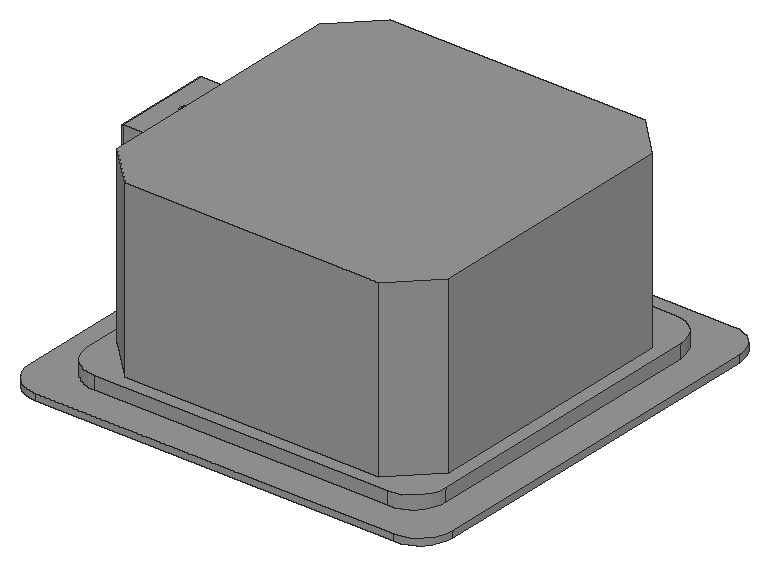
Revit family "Internal block_22_45_CR", category Оборудование, Revit 2021
Family settings
  Размер круглого соединителя = Использовать диаметр
  Классификация = Нет
  Тип детали = Нормальный
  На основе рабочей плоскости = Нет
  Всегда вертикально = Да
  При загрузке вырезать с полостями = Нет
  Общий = Нет
  Точка принадлежности помещению = Нет
Parameters (values of type "BLHV-36-I-C4-AC/1R1A")
  Width = H  # 650 mm
  Weight = 17.50 kg
  Pressure_Static_Air [instance] = 0.0 Pa
  Power = 40 W
  Maximum Air Flow = 0.0 L/s
  Load Classification = "HVAC"
  Length = G  # 650 mm
  I1 = I - 20 mm  # 10 mm
  I = 30 mm
  Height = C + I  # 297 mm
  Отметка по умолчанию = 0 mm
  Изготовитель = "BLAUBERG"  # constant formula
  URL = ""
  Maintenance zone material = none
  H = 650 mm
  Grid Material = Mesh, steel, painted,  white
  G = 650 mm
  Casing Material = Steel, white, mat
  C = 267 mm
  Air Flow [instance] = 0.0 L/s
  09_System_Name [instance] = ""
  00_20_Type = "BLHV-36-I-C4-AC/1R1A"
  00_20_Name = "Internal block"  # constant formula
  00_20_Manufacturer = "BLAUBERG"  # constant formula
Types (5, lengths in mm): name | Power | 00_20_Type
  (no name) | 40 W | "BLHV-36-I-C4-AC/1R1A"
  BLHV-22-I-C4-AC/1R1A | 38 W | "BLHV-22-I-C4-AC/1R1A"
  BLHV-28-I-C4-AC/1R1A | 38 W | "BLHV-28-I-C4-AC/1R1A"
  BLHV-36-I-C4-AC/1R1A | 40 W | "BLHV-36-I-C4-AC/1R1A"
  BLHV-45-I-C4-DC/1R1A | 40 W | "BLHV-45-I-C4-DC/1R1A"
Reference planes
  plane 1 "По центру (Вперед/Назад)": y = 0
  plane 2: z = 0
  plane 3 "По центру (Влево/Вправо)": x = 0
  plane 4: x = -325
  plane 5: x = 325
  plane 6: y = 325
  plane 7: y = -325
Forms (mm)
  Extrusion 1, solid, material "Steel, white, mat" <- "Casing Material"
    sketch origin (0, 0, 0) x (1, 0, 0) y (0, 1, 0)
      loop
        arc (-275, 325) -> (-310.355, 310.355) -> (-325, 275) r 50
        line (-325, 275) -> (-325, -275)
        arc (-325, -275) -> (-310.355, -310.355) -> (-275, -325) r 50
        line (-275, -325) -> (275, -325)
        arc (275, -325) -> (310.355, -310.355) -> (325, -275) r 50
        line (325, -275) -> (325, 275)
        arc (325, 275) -> (310.355, 310.355) -> (275, 325) r 50
        line (275, 325) -> (-275, 325)
    from -10 to 0
  Extrusion 2, solid, material "Steel, white, mat" <- "Casing Material"
    sketch origin (0, 0, 0) x (1, 0, 0) y (0, 1, 0)
      loop
        line (225, 275) -> (-225, 275)
        arc (-225, 275) -> (-260.355, 260.355) -> (-275, 225) r 50
        line (-275, 225) -> (-275, -225)
        arc (-275, -225) -> (-260.355, -260.355) -> (-225, -275) r 50
        line (-225, -275) -> (225, -275)
        arc (225, -275) -> (260.355, -260.355) -> (275, -225) r 50
        line (275, -225) -> (275, 225)
        arc (275, 225) -> (260.355, 260.355) -> (225, 275) r 50
    from 0 to 20
  Extrusion 3, solid, material "Steel, galvanized"
    sketch origin (0, 0, 0) x (1, 0, 0) y (0, 1, 0)
      loop
        line (-195.244, 255) -> (-255, 195.244) -> (-255, -195) -> (-195, -255) -> (195, -255) -> (255, -195) -> (255, 195.244) -> (195.244, 255) -> (-195.244, 255)
    from 20 to 287
Lines and regions (mm)
  Split face 1
    outline origin (0, 0, -10) x (1, 0, 0) y (0, 1, 0)
      loop
        line (-225, 225) -> (-225, -225) -> (225, -225) -> (225, 225) -> (-225, 225)
Dimensions and locks
  equal spacing: plane 6, plane 1 "По центру (Вперед/Назад)", plane 7
  "H": plane 6 to plane 7
  equal spacing: plane 4, plane 3 "По центру (Влево/Вправо)", plane 5
  "G": plane 4 to plane 5
  "I1": level to Extrusion 1
  locked: plane 4 to Extrusion 2 sketch curve at 50
  locked: Extrusion 2 sketch curve to plane 5 at 50
  locked: plane 6 to Extrusion 2 sketch curve at 50
  locked: plane 7 to Extrusion 2 sketch curve at 50
  "I": Extrusion 1 to Extrusion 2
  locked: plane 6 to Extrusion 3 sketch curve at 70
  locked: Extrusion 3 sketch curve to plane 7 at 70
  locked: Extrusion 3 sketch curve to plane 5 at 70
  locked: plane 4 to Extrusion 3 sketch curve at 70
  "C": Extrusion 3 to Extrusion 2
  "I": Extrusion 1 to Extrusion 3
  locked: Split face 1 sketch curve to plane 5 at 100
  locked: plane 4 to Split face 1 sketch curve at 100
  locked: Split face 1 sketch curve to plane 6 at 100
  locked: Split face 1 sketch curve to plane 7 at 100
  locked: Extrusion 3 to nested 1 at 50
  aligned and locked: level to plane 2
  aligned and locked: Extrusion 1 sketch curve to plane 6
  aligned and locked: plane 4 to Extrusion 1 sketch curve
  aligned and locked: plane 7 to Extrusion 1 sketch curve
  aligned and locked: Extrusion 1 sketch curve to plane 5
  aligned and locked: level to Extrusion 1
Automatic sketch dimensions
  Extrusion 1 sketch curve to Extrusion 1 sketch curve = 50 mm  (x2)
  Extrusion 1 sketch curve to plane 5 = 50 mm  (x2)
  Extrusion 2 sketch curve to Extrusion 2 sketch curve = 50 mm  (x4)
  Extrusion 3 sketch curve to Extrusion 3 sketch curve = 60 mm  (x4)
  Extrusion 3 sketch curve to Extrusion 3 sketch curve = 59.756 mm  (x4)
Nested families
  nested 1: "Electrical box" at (-255, 0, 162) x (0, 0, -1) z (-1, 0, 0), type "150x150"
    with Л 37.5 mm, Д1 60 mm, Д 150 mm, h 45 mm, H 90 mm
Definition of nested family "Electrical box"
  Parameters (values of type "100x100")
    Ш1 = Ш / 2 - 15 mm  # 60 mm
    Ш = 150 mm
    Default Elevation = 1219.2 mm
    Л = Д / 4  # 25 mm
    Д1 = Д / 2 - 15 mm  # 35 mm
    Д = 100 mm
    h = H / 2  # 25 mm
    Material = none
    H = 50 mm
  Reference planes
    plane 1 "По центру (Вперед/Назад)": y = 0
    plane 2: z = 0
    plane 3 "По центру (Влево/Вправо)": x = 0
  Forms (mm)
    Extrusion 1, solid, material <- "Material"
      sketch origin (0, 0, 0) x (1, 0, 0) y (0, 1, 0)
        loop
          line (-50, 75) -> (-50, -75) -> (50, -75) -> (50, 75) -> (-50, 75)
      from 0 to 50 <- "H"
    Sweep 2, void
      path in 3D
        loop
          line (-50, 75, 50) -> (-50, -75, 50) -> (50, -75, 50) -> (50, 75, 50) -> (-50, 75, 50)
      profile origin (0, 75, 50) x (0, -1, 0) y (0, 0, 1)
        loop
          line (5, 0) -> (0, 0) -> (0, -5)
          arc (0, -5) -> (1.464, -1.464) -> (5, 0) r 5
    Extrusion 3, void
      sketch origin (0, 0, 0) x (0, 1, 0) y (0, 0, 1)
        loop
          circle (0, 25) r 10
      from -50 to -45
    Extrusion 4, void
      sketch origin (0, 0, 0) x (0, 1, 0) y (0, 0, 1)
        loop
          circle (0, 25) r 10
      from 45 to 50
    Extrusion 5, void
      sketch origin (0, 0, 0) x (1, 0, 0) y (0, 0, 1)
        loop
          circle (25, 25) r 10
        loop
          circle (-25, 25) r 10
      from 70 to 75
    Extrusion 6, void
      sketch origin (0, 0, 0) x (1, 0, 0) y (0, 0, 1)
        loop
          circle (25, 25) r 10
        loop
          circle (-25, 25) r 10
      from -75 to -70
  Cuts and joins
    Sweep 2, Extrusion 3, Extrusion 4, Extrusion 5, Extrusion 6 cuts Extrusion 1
  Lines and regions (mm)
    sketch lines
      curve 1: line (50, 75, 50) -> (-50, 75, 50)
      curve 2: line (50, -75, 50) -> (50, 75, 50)
      curve 3: line (-50, -75, 50) -> (50, -75, 50)
      curve 4: line (-50, 75, 50) -> (-50, -75, 50)
  Dimensions and locks
    "Д": Extrusion 1 sketch curve to Extrusion 1 sketch curve
    "Ш": Extrusion 1 sketch curve to Extrusion 1 sketch curve
    equal spacing: Extrusion 1 sketch curve, plane 3 "По центру (Влево/Вправо)", Extrusion 1 sketch curve
    equal spacing: Extrusion 1 sketch curve, plane 1 "По центру (Вперед/Назад)", Extrusion 1 sketch curve
    "Д1": nested 2 to plane 3 "По центру (Влево/Вправо)"
    "Д1": plane 3 "По центру (Влево/Вправо)" to nested 1
    "Д1": nested 4 to plane 3 "По центру (Влево/Вправо)"
    "Д1": plane 3 "По центру (Влево/Вправо)" to nested 3
    "Ш1": nested 3 to plane 1 "По центру (Вперед/Назад)"
    "Ш1": plane 1 "По центру (Вперед/Назад)" to nested 1
    "Ш1": nested 4 to plane 1 "По центру (Вперед/Назад)"
    "Ш1": plane 1 "По центру (Вперед/Назад)" to nested 2
    "h": Extrusion 3 sketch curve to level
    "h": Extrusion 4 sketch curve to level
    "h": level to Extrusion 5 sketch curve  (x2)
    "Л": plane 3 "По центру (Влево/Вправо)" to Extrusion 5 sketch curve
    "Л": Extrusion 5 sketch curve to plane 3 "По центру (Влево/Вправо)"
    "h": level to Extrusion 6 sketch curve  (x2)
    "Л": Extrusion 6 sketch curve to plane 3 "По центру (Влево/Вправо)"
    "Л": plane 3 "По центру (Влево/Вправо)" to Extrusion 6 sketch curve
    "h": level to nested 5
    "h": level to nested 6
    "Л": nested 8 to plane 3 "По центру (Влево/Вправо)"
    "Л": nested 7 to plane 3 "По центру (Влево/Вправо)"
    "Л": plane 3 "По центру (Влево/Вправо)" to nested 9
    "Л": plane 3 "По центру (Влево/Вправо)" to nested 11
    "h": nested 11 to level
    radius of Extrusion 6 sketch curve = 10 mm
    aligned and locked: level to plane 2
    aligned and locked: Extrusion 1 to Extrusion 3
    aligned and locked: Sweep 2 to Extrusion 3
    aligned and locked: Extrusion 1 to Extrusion 4
    aligned and locked: Sweep 2 to Extrusion 4
    aligned and locked: Extrusion 1 to Extrusion 5
    aligned and locked: Sweep 2 to Extrusion 5
    aligned and locked: Extrusion 1 to Extrusion 6
    aligned and locked: Extrusion 6 to Sweep 2
    aligned and locked: plane 1 "По центру (Вперед/Назад)" to nested 5
    aligned and locked: nested 5 to cut or joined group of Extrusion 1, Sweep 2, Extrusion 3, Extrusion 4, Extrusion 5, Extrusion 6
    aligned and locked: nested 6 to plane 1 "По центру (Вперед/Назад)"
    aligned and locked: cut or joined group of Extrusion 1, Sweep 2, Extrusion 3, Extrusion 4, Extrusion 5, Extrusion 6 to nested 6
    aligned and locked: cut or joined group of Extrusion 1, Sweep 2, Extrusion 3, Extrusion 4, Extrusion 5, Extrusion 6 to nested 7
    aligned and locked: nested 8 to cut or joined group of Extrusion 1, Sweep 2, Extrusion 3, Extrusion 4, Extrusion 5, Extrusion 6
    aligned and locked: cut or joined group of Extrusion 1, Sweep 2, Extrusion 3, Extrusion 4, Extrusion 5, Extrusion 6 to nested 9
    aligned and locked: plane 3 "По центру (Влево/Вправо)" to nested 10
  Automatic sketch dimensions
    Sweep 2 sketch curve to profile plane = 0 mm  (x2)
    Sweep 2 sketch curve to profile plane = 5 mm
    Extrusion 3 sketch curve to plane 1 "По центру (Вперед/Назад)" = 0 mm
    Extrusion 4 sketch curve to plane 1 "По центру (Вперед/Назад)" = 0 mm
    radius of Extrusion 3 sketch curve = 10 mm
    radius of Extrusion 4 sketch curve = 10 mm
    radius of Extrusion 5 sketch curve = 10 mm  (x2)
    radius of Extrusion 6 sketch curve = 10 mm
  Nested families
    nested 1: "Винт" at (35, 60, 50), built-in parameter 1001364 <- "H", type "Винт"
    nested 2: "Винт" at (-35, 60, 50), built-in parameter 1001364 <- "H", type "Винт"
    nested 3: "Винт" at (35, -60, 50), built-in parameter 1001364 <- "H", type "Винт"
    nested 4: "Винт" at (-35, -60, 50), built-in parameter 1001364 <- "H", type "Винт"
    nested 5: "Заглушка" at (46, 0, 25) x (0, 0, -1) z (1, 0, 0), built-in parameter 1001360 <- "h", type "Заглушка"
    nested 6: "Заглушка" at (-46, 0, 25) x (0, 0, -1) z (-1, 0, 0), built-in parameter 1001360 <- "h", type "Заглушка"
    nested 7: "Заглушка" at (-25, 71, 25) x (0, 0, -1) z (0, 1, 0), built-in parameter 1001360 <- "h", type "Заглушка"
    nested 8: "Заглушка" at (-25, -71, 25) x (0, 0, -1) z (0, -1, 0), built-in parameter 1001360 <- "h", type "Заглушка"
    nested 9: "Заглушка" at (25, -71, 25) x (0, 0, -1) z (0, -1, 0), built-in parameter 1001360 <- "h", type "Заглушка"
    nested 10: "Электрика" at (0, 3.125, 50), built-in parameter 1001360 <- "H", type "Электрика"
    nested 11: "Штуцер" at (25, 75, 25) x (1, 0, 0) z (0, 1, 0), type "24"
  Definition of nested family "Винт"
    Parameters (values of type "Винт")
      Default Elevation = 0 mm
    Reference planes
      plane 1 "По центру (Вперед/Назад)": y = 0
      plane 2: z = 0
      plane 3 "По центру (Влево/Вправо)": x = 0
    Forms (mm)
      Revolve 1, solid
        sketch origin (0, 0, 0) x (1, 0, 0) y (0, 0, 1)
          loop
            line (0, -20) -> (2.5, -20) -> (2.5, 0) -> (5, 0) -> (5, 0.988)
            arc (5, 0.988) -> (2.589, 1.966) -> (0, 2.235) r 9.254
            line (0, 2.235) -> (0, -20)
          axis (0, 2.235) -> (0, -20)
        angle from 0 to 360
      Extrusion 2, void
        sketch origin (0, -0.137, 0) x (1, 0, 0) y (0, 1, 0)
          loop
            line (-0.439, -5.142) -> (0.455, -5.142) -> (0.455, -0.343) -> (5.265, -0.343) -> (5.265, 0.594) -> (0.455, 0.594) -> (0.455, 5.38) -> (-0.439, 5.38) -> (-0.439, 0.594) -> (-5.291, 0.594) -> (-5.291, -0.343) -> (-0.439, -0.343) -> (-0.439, -5.142)
        from 0.988 to 3.071
    Cuts and joins
      Extrusion 2 cuts Revolve 1
    Dimensions and locks
      aligned and locked: level to plane 2
      aligned and locked: Extrusion 2 to Revolve 1
  Definition of nested family "Заглушка"
    Parameters (values of type "Заглушка")
      Default Elevation = 0 mm
    Reference planes
      plane 1 "По центру (Вперед/Назад)": y = 0
      plane 2: z = 0
      plane 3 "По центру (Влево/Вправо)": x = 0
    Forms (mm)
      Extrusion 1, solid
        sketch origin (0, 0, 0) x (1, 0, 0) y (0, 1, 0)
          loop
            circle (0, 0) r 12
        from 4 to 5
      Extrusion 2, solid
        sketch origin (0, 0, 0) x (1, 0, 0) y (0, 1, 0)
          loop
            circle (0, 0) r 10
        from 5 to 6
      Extrusion 3, solid
        sketch origin (0, 0, 0) x (1, 0, 0) y (0, 1, 0)
          loop
            circle (0, 0) r 8
        from 6 to 7
      Extrusion 4, solid
        sketch origin (0, 0, 0) x (1, 0, 0) y (0, 1, 0)
          loop
            circle (0, 0) r 6
        from 7 to 8
      Extrusion 5, solid
        sketch origin (0, 0, 0) x (1, 0, 0) y (0, 1, 0)
          loop
            circle (0, 0) r 4
        from 8 to 9
      Extrusion 6, solid
        sketch origin (0, 0, 0) x (1, 0, 0) y (0, 1, 0)
          loop
            circle (0, 0) r 2
        from 9 to 10
    Dimensions and locks
      aligned and locked: level to plane 2
  Definition of nested family "Электрика"
    Parameters (values of type "Электрика")
      Default Elevation = 0 mm
    Reference planes
      plane 1 "По центру (Вперед/Назад)": y = 0
      plane 2: z = 0
      plane 3 "По центру (Влево/Вправо)": x = 0
    Forms (mm)
      Extrusion 1, solid
        sketch origin (0, -20.999, 0) x (1, 0, 0) y (0, 1, 0)
          loop
            line (0, 0.664) -> (18.543, 0.664)
            arc (18.543, 0.664) -> (21.349, 1.985) -> (22.119, 4.99) r 3.641
            line (22.119, 4.99) -> (2.806, 38.44)
            arc (2.806, 38.44) -> (0, 39.762) -> (-2.806, 38.44) r 3.641
            line (-2.806, 38.44) -> (-22.119, 4.99)
            arc (-22.119, 4.99) -> (-21.349, 1.985) -> (-18.543, 0.664) r 3.641
            line (-18.543, 0.664) -> (0, 0.664)
          loop
            arc (-20.055, 4.565) -> (-19.717, 3.245) -> (-18.484, 2.664) r 1.6
            line (-18.484, 2.664) -> (18.396, 2.664)
            arc (18.396, 2.664) -> (19.729, 3.379) -> (19.87, 4.885) r 1.6
            line (19.87, 4.885) -> (1.2, 37.223)
            arc (1.2, 37.223) -> (0.104, 37.807) -> (-1.079, 37.432) r 1.6
            line (-1.079, 37.432) -> (-20.055, 4.565)
        from 0 to 1
      Extrusion 2, solid
        sketch origin (0, -20.999, 0) x (1, 0, 0) y (0, 1, 0)
          loop
            line (1.519, 30.846) -> (-2.718, 30.846) -> (-7.387, 14.53) -> (2.226, 19.012) -> (-1.819, 8.947) -> (-2.667, 9.352) -> (-2.823, 5.949) -> (-0.273, 8.208) -> (-1.096, 8.601) -> (5.366, 22.132) -> (-4.385, 17.585) -> (1.519, 30.846)
        from 0 to 1
      Extrusion 3, solid
        sketch origin (0, -20.999, 0) x (1, 0, 0) y (0, 1, 0)
          loop
            line (-1.079, 37.432) -> (-20.055, 4.565)
            arc (-20.055, 4.565) -> (-19.717, 3.245) -> (-18.484, 2.664) r 1.6
            line (-18.484, 2.664) -> (18.396, 2.664)
            arc (18.396, 2.664) -> (19.781, 3.464) -> (19.781, 5.064) r 1.6
            line (19.781, 5.064) -> (1.296, 37.092)
            arc (1.296, 37.092) -> (0.185, 37.798) -> (-1.079, 37.432) r 1.6
        from 0 to 0.9
    Dimensions and locks
      aligned and locked: level to plane 2
  Definition of nested family "Штуцер"
    Parameters (values of type "32")
      Default Elevation = 1219.2 mm
      r1 = r / 1.3333  # 12 mm
      r = 16 mm
      h3 = H / 3.2  # 10 mm
      h1 = H / 1.28  # 25 mm
      h4 = H / 6.4  # 5 mm
      H = 32 mm
      A = 2 * r * tan(30.00°)  # 18.475 mm
    Types (3, lengths in mm): name | r1 | r | h3 | h1 | h4 | H | A
      32 | 12 | 16 | 10 | 25 | 5 | 32 | 18.475
      24 | 9 | 12 | 7.5 | 18.75 | 3.75 | 24 | 13.856
      16 | 6 | 8 | 5 | 12.5 | 2.5 | 16 | 9.238
    Reference planes
      plane 1 "По центру (Вперед/Назад)": y = 0
      plane 2: z = 0
      plane 3 "По центру (Влево/Вправо)": x = 0
    Forms (mm)
      Extrusion 1, solid
        sketch origin (-129.783, 0, -1.583) x (-1, 0, 0) y (0, -1, 0)
          loop
            line (-129.783, -18.475) -> (-113.783, -9.238) -> (-113.783, 9.238) -> (-129.783, 18.475) -> (-145.783, 9.238) -> (-145.783, -9.238) -> (-129.783, -18.475)
        from 1.583 to 6.583
      Extrusion 2, solid
        sketch origin (-129.783, 0, 0) x (-1, 0, 0) y (0, -1, 0)
          loop
            circle (-129.783, 0) r 12
        from 5 to 10
      Extrusion 3, solid
        sketch origin (-129.783, 0, 14.25) x (-1, 0, 0) y (0, -1, 0)
          loop
            line (-129.783, -18.475) -> (-113.783, -9.238) -> (-113.783, 9.238) -> (-129.783, 18.475) -> (-145.783, 9.238) -> (-145.783, -9.238) -> (-129.783, -18.475)
        from -4.25 to 10.75
      Revolve 4, solid
        sketch origin (-129.783, 0, -5.678) x (-1, 0, 0) y (0, 0, -1)
          loop
            line (-117.783, -30.678) -> (-129.783, -30.678) -> (-129.783, -37.678) -> (-118.783, -37.678)
            arc (-118.783, -37.678) -> (-118.076, -37.385) -> (-117.783, -36.678) r 1
            line (-117.783, -36.678) -> (-117.783, -30.678)
          axis (-129.783, -37.678) -> (-129.783, -30.678)
        angle from 0 to 360
    Dimensions and locks
      "A": Extrusion 3 sketch curve to Extrusion 3 sketch curve  (x6)
      equal spacing: Extrusion 3 sketch curve, plane 1 "По центру (Вперед/Назад)", Extrusion 3 sketch curve  (x2)
      "A": Extrusion 3 sketch curve to plane 1 "По центру (Вперед/Назад)" to Extrusion 3 sketch curve
      "A": Extrusion 1 sketch curve to Extrusion 1 sketch curve  (x6)
      "A": Extrusion 1 sketch curve to plane 1 "По центру (Вперед/Назад)" to Extrusion 1 sketch curve
      "r1": plane 3 "По центру (Влево/Вправо)" to Revolve 4 sketch curve
      "H": level to Revolve 4 sketch curve
      "h1": level to Extrusion 3
      "h3": level to Extrusion 3
      "h1": level to Revolve 4 sketch curve
      "h3": level to Extrusion 2
      "h4": level to Extrusion 2
      "h4": level to Extrusion 1
      "r1": radius of Extrusion 2 sketch curve
      aligned and locked: level to plane 2
      aligned and locked: Extrusion 1 to Extrusion 2
      aligned and locked: Extrusion 1 to level
      aligned and locked: Extrusion 3 to Extrusion 2
    Automatic sketch dimensions
      Extrusion 1 sketch curve to plane 3 "По центру (Влево/Вправо)" = 0 mm  (x2)
      plane 1 "По центру (Вперед/Назад)" to Extrusion 2 sketch curve = 0 mm
      Extrusion 2 sketch curve to plane 3 "По центру (Влево/Вправо)" = 0 mm
      Extrusion 3 sketch curve to plane 3 "По центру (Влево/Вправо)" = 0 mm
      Revolve 4 sketch curve to plane 3 "По центру (Влево/Вправо)" = 0 mm  (x2)
      Revolve 4 sketch curve to Revolve 4 sketch curve = 1 mm
      level to Revolve 4 sketch curve = 1.702 mm
      Revolve 4 sketch curve to level = 6.18 mm
